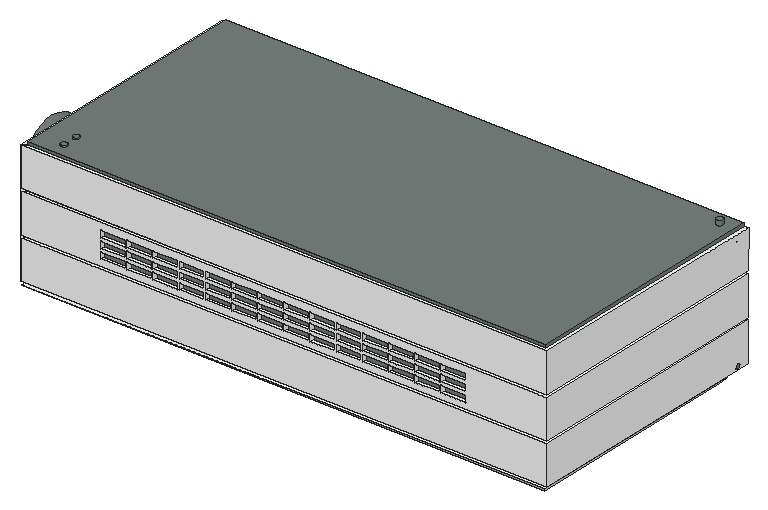
Revit family "AM 800 HCDE", category Mechanical Equipment, Revit 2019
Family settings
  Round Connector Dimension = Use Diameter
  Part Type = Normal
  OmniClass Number = 23.75.00.00
  OmniClass Title = Climate Control (HVAC)
  Work Plane-Based = No
  Always vertical = Yes
  Cut with Voids When Loaded = No
  Shared = No
  Room Calculation Point = No
Parameters
  Weight (Standard Unit) = 108  # constant formula
  Water Heater Surface Return = 10 mm  # constant formula
  Water Heater Surface IN = 10 mm  # constant formula
  URL = "www.airmaster-as.com"
  Total Width = 1910 mm  # constant formula
  Total Hight = 474 mm  # constant formula
  Top Panel [instance] = yes
  T-C Duct Exhaust = 252 mm  # constant formula
  T-C Duct Supply = 252 mm  # constant formula
  Suply Air In = 315 mm  # constant formula
  Return Air Duct = 250 mm  # constant formula
  R-C Duct Exhaust = 222 mm  # constant formula
  Phase 1 - Max Power Consumption = "4035 W"
  Phase 1 - Max Current = "12 A"
  Nominal current, electrical preheating surface = "6,5 A"
  Nominal current, electrical comfort heating surface = "4,4 A"
  Nominal current, air handling unit = "1,1 A"
  Network Conection = "AWG 24 CAT 5e STP"
  Model = "AM 800 HCDE"
  Middle Panel [instance] = yes
  Max. flow rate 35 dB(A) with ePM10 80% filters = 580.00 m³  # constant formula
  Max. flow rate 35 dB(A) with ePM10 55% filters = 653.00 m³  # constant formula
  Max. flow rate 35 dB(A) with ePM10 50% filters = 725.00 m³  # constant formula
  Max. flow rate 30 dB(A) with ePM10 80% filters = 520.00 m³  # constant formula
  Max. flow rate 30 dB(A) with ePM10 55% filters = 585.00 m³  # constant formula
  Max. flow rate 30 dB(A) with ePM10 50% filters = 650.00 m³  # constant formula
  Manufacturer = "Airmaster A/S"
  Maintenance [instance] = no
  L-C Duct ESupply = 255 mm  # constant formula
  Exhaust Air = 315 mm  # constant formula
  Total Depth = 916 mm  # constant formula
  Electrical connection = "1 ~ 230 V / N / PE / 50 Hz"
  Drawn By = "LSB"
  DE Panel Small [instance] = no
  DE Panel [instance] = yes
  Condensate = 9 mm  # constant formula
  Buttom Panel [instance] = yes
  BMS Panel = "(PTS) 2x2x0,6"
  BMS Out = "(PTS) 2x2x0,6"
  BMS IN = "(PTS) 2x2x0,6"
  Airflow area [instance] = no
  Air flow area [instance] = Airflow
Reference planes
  plane 1 "Center (Front/Back)": y = 0
  plane 2: z = 0
  plane 3 "Center (Left/Right)": x = 0
  plane 4 "Center L/S": y = -916
  plane 5 "Center L/T": x = -955
  plane 6 "Center L/U": x = 955
  plane 7 "TOP": z = 474
  plane 8 "Center L/V": x = -940
  plane 9 "Center L/W": y = -901
  plane 10 "Center L/X": x = 940
  plane 11 "Panel Buttom": z = 23
  plane 12 "Panel Top": z = 164.5
  plane 13 "Hatch": z = 14.5
  plane 14 "Center L/Z": z = 173.414
  plane 15 "Center L/AA": z = 314.914
  plane 16 "Center L/BB": z = 324.414
  plane 17 "Center L/CC": z = 465.914
Forms (mm)
  Extrusion 1, solid, material "AM Grey"
    sketch origin (0, 0, 0) x (1, 0, 0) y (0, 1, 0)
      loop
        line (-940, 0) -> (-940, -901) -> (940, -901) -> (940, 0) -> (-940, 0)
    from 14.5 to 474
  Extrusion 2, solid, material "AM White", visible <- "DE Panel Small"
    sketch origin (794.5, -1524, 23) x (0, -1, 0) y (-1, 0, 0)
      loop
        line (-1524, 1749.5) -> (-1524, 1734.5) -> (-623, 1734.5) -> (-608, 1749.5) -> (-1524, 1749.5)
    from 0 to -141.5
  Blend 3, solid, material "AM White"
    base sketch origin (-790.646, -1524, 14.5) x (0, -1, 0) y (1, 0, 0)
      loop
        line (-608, -157.387) -> (-608, 1738.657) -> (-1435.677, 1738.657) -> (-1435.677, -157.387) -> (-608, -157.387)
    top sketch origin (-790.646, -1524, 14.5) x (0, -1, 0) y (1, 0, 0)
      loop
        line (-623, -146.037) -> (-623, 1727.646) -> (-1424.161, 1727.646) -> (-1424.161, -146.037) -> (-623, -146.037)
    from 0 to -14.5
  Extrusion 4, solid, material "AM Grey"
    sketch origin (940, 0, 0) x (0, -1, 0) y (0, 0, -1)
      loop
        circle (48.75, -36.414) r 8
    from 0 to 15
  Extrusion 5, solid, material "AM Grey"
    sketch origin (-940, -878.072, 0.549) x (0, 1, 0) y (0, 0, -1)
      loop
        arc (97.447, -426.641) -> (85.619, -415.215) -> (74.05, -426.903) r 11.7
        arc (74.05, -426.903) -> (85.881, -438.614) -> (97.447, -426.641) r 11.7
    from 0 to 2
  Extrusion 6, solid, material "AM Grey"
    sketch origin (-940, -892.224, 0.658) x (0, 1, 0) y (0, 0, -1)
      loop
        arc (56.677, -428.239) -> (46.918, -415.112) -> (33.131, -423.914) r 12
        arc (33.131, -423.914) -> (42.582, -438.717) -> (56.677, -428.239) r 12
    from 0 to 2
  Extrusion 7, solid, material "AM Grey"
    sketch origin (-940, 0, 0) x (1, 0, 0) y (0, 0, -1)
      loop
        circle (1673, -222) r 157.5
    from 0 to 55
  Extrusion 8, solid, material "AM Grey"
    sketch origin (-785, 0, 0) x (1, 0, 0) y (0, 0, -1)
      loop
        circle (85, -222) r 157.5
    from 0 to 55
  Extrusion 9, solid, material "AM Grey"
    sketch origin (-1697.474, 21.256, 474) x (1, 0, 0) y (0, 1, 0)
      loop
        arc (848.662, -826.53) -> (848, -804.55) -> (847.338, -826.53) r 11
        line (847.338, -826.53) -> (848.662, -826.53)
    from 0 to 2
  Extrusion 10, solid, material "AM Grey"
    sketch origin (-1697.474, 6.881, 474) x (1, 0, 0) y (0, 1, 0)
      loop
        arc (848.662, -867.28) -> (848, -845.3) -> (847.338, -867.28) r 11
        line (847.338, -867.28) -> (848.662, -867.28)
    from 0 to 2
  Extrusion 11, solid, material "Maintenece", visible <- "Maintenance"
    sketch origin (-790.646, -1524, 0) x (1, 0, 0) y (0, -1, 0)
      loop
        line (-164.354, -1524) -> (1745.646, -1524) -> (1745.646, -608) -> (-164.354, -608) -> (-164.354, -1524)
    from 0 to 1200
  Extrusion 12, solid, material "AM Grey"
    sketch origin (0, 0, 474) x (1, 0, 0) y (0, 1, 0)
      loop
        arc (880.766, -33.956) -> (876.81, -38.388) -> (875.622, -44.209) r 11.4
        arc (875.622, -44.209) -> (897.19, -48.612) -> (880.766, -33.956) r 11.4
    from 0 to 15
  Extrusion 13, solid, material "AM Grey"
    sketch origin (940, 0, 0) x (0, -1, 0) y (0, 0, -1)
      loop
        circle (47.646, -447.784) r 8
    from 0 to 15
  Extrusion 14, solid, material "AM Grey"
    sketch origin (-940, 0, 0) x (1, 0, 0) y (0, 0, -1)
      loop
        circle (1813, -35) r 12
    from 0 to 15
  Extrusion 15, solid, material "AM White", visible <- "Middle Panel"
    sketch origin (794.5, -1524, 173.414) x (0, -1, 0) y (-1, 0, 0)
      loop
        line (-608, -160.5) -> (-608, 1749.5) -> (-623, 1734.5) -> (-623, -145.5) -> (-1524, -145.5) -> (-1524, -160.5) -> (-608, -160.5)
    from 0 to -141.5
  Extrusion 16, solid, material "AM White", visible <- "Top Panel"
    sketch origin (794.5, -1524, 324.414) x (0, -1, 0) y (-1, 0, 0)
      loop
        line (-608, -160.5) -> (-608, 1749.5) -> (-623, 1734.5) -> (-623, -145.5) -> (-1524, -145.5) -> (-1524, -160.5) -> (-608, -160.5)
    from 0 to -141.5
  Extrusion 17, solid, material "AM White"
    sketch origin (0, 0, 14.5) x (0, 1, 0) y (1, 0, 0)
      loop
        line (0, 940) -> (-88.323, 940) -> (-88.323, -940) -> (0, -940) -> (0, 940)
    from 0 to 3
  Extrusion 18, solid, material "AM Grey"
    sketch origin (-955, 0, 23) x (0, -1, 0) y (0, 0, 1)
      loop
        circle (699, 299) r 125
    from 0 to 58
  Extrusion 19, void
    sketch origin (1055.25, -916, 173.414) x (1, 0, 0) y (0, 0, -1)
      loop
        line (-1717.75, -118) -> (-1627.75, -118) -> (-1627.75, -93) -> (-1717.75, -93) -> (-1717.75, -118)
      loop
        line (-1717.75, -83) -> (-1627.75, -83) -> (-1627.75, -58) -> (-1717.75, -58) -> (-1717.75, -83)
      loop
        line (-1717.75, -48) -> (-1627.75, -48) -> (-1627.75, -23) -> (-1717.75, -23) -> (-1717.75, -48)
      loop
        line (-1622.75, -118) -> (-1532.75, -118) -> (-1532.75, -93) -> (-1622.75, -93) -> (-1622.75, -118)
      loop
        line (-1622.75, -83) -> (-1532.75, -83) -> (-1532.75, -58) -> (-1622.75, -58) -> (-1622.75, -83)
      loop
        line (-1622.75, -48) -> (-1532.75, -48) -> (-1532.75, -23) -> (-1622.75, -23) -> (-1622.75, -48)
      loop
        line (-1527.75, -118) -> (-1437.75, -118) -> (-1437.75, -93) -> (-1527.75, -93) -> (-1527.75, -118)
      loop
        line (-1527.75, -83) -> (-1437.75, -83) -> (-1437.75, -58) -> (-1527.75, -58) -> (-1527.75, -83)
      loop
        line (-1527.75, -48) -> (-1437.75, -48) -> (-1437.75, -23) -> (-1527.75, -23) -> (-1527.75, -48)
      loop
        line (-1432.75, -118) -> (-1342.75, -118) -> (-1342.75, -93) -> (-1432.75, -93) -> (-1432.75, -118)
      loop
        line (-1432.75, -83) -> (-1342.75, -83) -> (-1342.75, -58) -> (-1432.75, -58) -> (-1432.75, -83)
      loop
        line (-1432.75, -48) -> (-1342.75, -48) -> (-1342.75, -23) -> (-1432.75, -23) -> (-1432.75, -48)
      loop
        line (-1337.75, -118) -> (-1247.75, -118) -> (-1247.75, -93) -> (-1337.75, -93) -> (-1337.75, -118)
      loop
        line (-1337.75, -83) -> (-1247.75, -83) -> (-1247.75, -58) -> (-1337.75, -58) -> (-1337.75, -83)
      loop
        line (-1337.75, -48) -> (-1247.75, -48) -> (-1247.75, -23) -> (-1337.75, -23) -> (-1337.75, -48)
      loop
        line (-1242.75, -118) -> (-1152.75, -118) -> (-1152.75, -93) -> (-1242.75, -93) -> (-1242.75, -118)
      loop
        line (-1242.75, -83) -> (-1152.75, -83) -> (-1152.75, -58) -> (-1242.75, -58) -> (-1242.75, -83)
      loop
        line (-1242.75, -48) -> (-1152.75, -48) -> (-1152.75, -23) -> (-1242.75, -23) -> (-1242.75, -48)
      loop
        line (-1147.75, -118) -> (-1057.75, -118) -> (-1057.75, -93) -> (-1147.75, -93) -> (-1147.75, -118)
      loop
        line (-1147.75, -83) -> (-1057.75, -83) -> (-1057.75, -58) -> (-1147.75, -58) -> (-1147.75, -83)
      loop
        line (-1147.75, -48) -> (-1057.75, -48) -> (-1057.75, -23) -> (-1147.75, -23) -> (-1147.75, -48)
      loop
        line (-1052.75, -118) -> (-962.75, -118) -> (-962.75, -93) -> (-1052.75, -93) -> (-1052.75, -118)
      loop
        line (-1052.75, -83) -> (-962.75, -83) -> (-962.75, -58) -> (-1052.75, -58) -> (-1052.75, -83)
      loop
        line (-1052.75, -48) -> (-962.75, -48) -> (-962.75, -23) -> (-1052.75, -23) -> (-1052.75, -48)
      loop
        line (-957.75, -118) -> (-867.75, -118) -> (-867.75, -93) -> (-957.75, -93) -> (-957.75, -118)
      loop
        line (-957.75, -83) -> (-867.75, -83) -> (-867.75, -58) -> (-957.75, -58) -> (-957.75, -83)
      loop
        line (-957.75, -48) -> (-867.75, -48) -> (-867.75, -23) -> (-957.75, -23) -> (-957.75, -48)
      loop
        line (-862.75, -118) -> (-772.75, -118) -> (-772.75, -93) -> (-862.75, -93) -> (-862.75, -118)
      loop
        line (-862.75, -83) -> (-772.75, -83) -> (-772.75, -58) -> (-862.75, -58) -> (-862.75, -83)
      loop
        line (-862.75, -48) -> (-772.75, -48) -> (-772.75, -23) -> (-862.75, -23) -> (-862.75, -48)
      loop
        line (-767.75, -118) -> (-677.75, -118) -> (-677.75, -93) -> (-767.75, -93) -> (-767.75, -118)
      loop
        line (-767.75, -83) -> (-677.75, -83) -> (-677.75, -58) -> (-767.75, -58) -> (-767.75, -83)
      loop
        line (-767.75, -48) -> (-677.75, -48) -> (-677.75, -23) -> (-767.75, -23) -> (-767.75, -48)
      loop
        line (-672.75, -118) -> (-582.75, -118) -> (-582.75, -93) -> (-672.75, -93) -> (-672.75, -118)
      loop
        line (-672.75, -83) -> (-582.75, -83) -> (-582.75, -58) -> (-672.75, -58) -> (-672.75, -83)
      loop
        line (-672.75, -48) -> (-582.75, -48) -> (-582.75, -23) -> (-672.75, -23) -> (-672.75, -48)
      loop
        line (-577.75, -118) -> (-487.75, -118) -> (-487.75, -93) -> (-577.75, -93) -> (-577.75, -118)
      loop
        line (-577.75, -83) -> (-487.75, -83) -> (-487.75, -58) -> (-577.75, -58) -> (-577.75, -83)
      loop
        line (-577.75, -48) -> (-487.75, -48) -> (-487.75, -23) -> (-577.75, -23) -> (-577.75, -48)
      loop
        line (-482.75, -118) -> (-392.75, -118) -> (-392.75, -93) -> (-482.75, -93) -> (-482.75, -118)
      loop
        line (-482.75, -83) -> (-392.75, -83) -> (-392.75, -58) -> (-482.75, -58) -> (-482.75, -83)
      loop
        line (-482.75, -48) -> (-392.75, -48) -> (-392.75, -23) -> (-482.75, -23) -> (-482.75, -48)
    from 0 to 15
  Extrusion 20, solid, material "AM White", visible <- "Buttom Panel"
    sketch origin (794.5, -1524, 23) x (0, -1, 0) y (-1, 0, 0)
      loop
        line (-608, -160.5) -> (-608, 1749.5) -> (-623, 1734.5) -> (-623, -145.5) -> (-1524, -145.5) -> (-1524, -160.5) -> (-608, -160.5)
    from 0 to -141.5
  Extrusion 21, solid, material "AM White", visible <- "DE Panel"
    sketch origin (794.5, -1524, 324.414) x (0, -1, 0) y (-1, 0, 0)
      loop
        line (-1524, 1749.5) -> (-1524, 1734.5) -> (-623, 1734.5) -> (-608, 1749.5) -> (-1524, 1749.5)
    from 301.414 to -141.5
Cuts and joins
  Extrusion 19 cuts Extrusion 1
  Extrusion 19 cuts Extrusion 2
  Extrusion 19 cuts Extrusion 16
  Extrusion 19 cuts Extrusion 15
Dimensions and locks
  "Total Depth": plane 4 "Center L/S" to plane 1 "Center (Front/Back)"
  equal spacing: plane 5 "Center L/T", plane 3 "Center (Left/Right)", plane 6 "Center L/U"
  "Total Width": plane 5 "Center L/T" to plane 6 "Center L/U"
  "Total Hight": plane 7 "TOP" to level
  locked: plane 10 "Center L/X" to plane 6 "Center L/U" at 15
  locked: plane 4 "Center L/S" to plane 9 "Center L/W" at 15
  locked: plane 5 "Center L/T" to plane 8 "Center L/V" at 15
  Extrusion 1 to Blend 3 sketch curve = 99.839 mm
  "R-C Duct Exhaust": plane 6 "Center L/U" to Extrusion 7 sketch curve
  "T-C Duct Exhaust": Extrusion 7 sketch curve to cut or joined group of Extrusion 1, Extrusion 19
  "T-C Duct Supply": Extrusion 8 sketch curve to plane 7 "TOP"
  "L-C Duct ESupply": Extrusion 8 sketch curve to plane 5 "Center L/T"
  Extrusion 14 sketch curve to plane 5 "Center L/T" = 1828 mm
  Extrusion 14 sketch curve to plane 7 "TOP" = 439 mm
  plane 1 "Center (Front/Back)" to Extrusion 18 sketch curve = 699 mm
  plane 7 "TOP" to Extrusion 18 sketch curve = 152 mm
  "Return Air Duct": diameter of Extrusion 18 sketch curve
  aligned and locked: level to plane 2
  aligned and locked: plane 1 "Center (Front/Back)" to Extrusion 1 sketch curve
  aligned and locked: Extrusion 1 sketch curve to plane 8 "Center L/V"
  aligned and locked: Extrusion 1 sketch curve to plane 9 "Center L/W"
  aligned and locked: Extrusion 1 sketch curve to plane 10 "Center L/X"
  aligned and locked: plane 7 "TOP" to Extrusion 1
  aligned and locked: plane 5 "Center L/T" to Extrusion 2 sketch curve
  aligned and locked: Extrusion 2 sketch curve to Extrusion 1
  aligned and locked: Extrusion 2 to plane 12 "Panel Top"
  aligned and locked: Blend 3 to plane 2
  aligned and locked: Extrusion 1 to plane 13 "Hatch"
  aligned and locked: Extrusion 11 sketch curve to cut or joined group of Extrusion 2, Extrusion 19  (x2)
  aligned and locked: Extrusion 15 to plane 15 "Center L/AA"
  aligned and locked: Extrusion 16 to plane 17 "Center L/CC"
Automatic sketch dimensions
  plane 1 "Center (Front/Back)" to Extrusion 2 sketch curve = 0 mm
  Extrusion 2 sketch curve to plane 9 "Center L/W" = 0 mm
  plane 4 "Center L/S" to Extrusion 2 sketch curve = 0 mm
  plane 4 "Center L/S" to Blend 3 sketch curve = 0 mm
  Blend 3 sketch curve to plane 6 "Center L/U" = 6.989 mm
  plane 1 "Center (Front/Back)" to Blend 3 sketch curve = 88.323 mm
  plane 5 "Center L/T" to Blend 3 sketch curve = 6.967 mm
  Blend 3 sketch curve to plane 9 "Center L/W" = 0 mm
  plane 8 "Center L/V" to Blend 3 sketch curve = 3.316 mm
  Blend 3 sketch curve to plane 10 "Center L/X" = 3 mm
  Extrusion 1 to Extrusion 4 sketch curve = 21.914 mm
  Extrusion 1 to Extrusion 4 sketch curve = 48.75 mm
  Extrusion 5 sketch curve to Extrusion 5 sketch curve = 0 mm  (x2)
  Extrusion 1 to Extrusion 5 sketch curve = 46.537 mm
  Extrusion 5 sketch curve to Extrusion 1 = 108.678 mm
  Extrusion 5 sketch curve to Extrusion 5 sketch curve = 11.7 mm
  Extrusion 5 sketch curve to Extrusion 5 sketch curve = 11.697 mm
  Extrusion 5 sketch curve to Extrusion 5 sketch curve = 0.011 mm
  Extrusion 6 sketch curve to Extrusion 6 sketch curve = 0 mm  (x2)
  Extrusion 6 sketch curve to Extrusion 1 = 53.526 mm
  Extrusion 1 to Extrusion 6 sketch curve = 46.428 mm
  Extrusion 6 sketch curve to Extrusion 6 sketch curve = 11.619 mm
  Extrusion 6 sketch curve to Extrusion 6 sketch curve = 11.927 mm
  Extrusion 6 sketch curve to Extrusion 6 sketch curve = 1.325 mm
  Extrusion 9 sketch curve to Extrusion 1 = 89.864 mm
  Extrusion 9 sketch curve to Extrusion 9 sketch curve = 0.662 mm
  Extrusion 9 sketch curve to Extrusion 1 = 95.726 mm
  Extrusion 9 sketch curve to Extrusion 9 sketch curve = 10.98 mm
  Extrusion 10 sketch curve to Extrusion 1 = 89.864 mm
  Extrusion 10 sketch curve to Extrusion 10 sketch curve = 0.662 mm
  Extrusion 10 sketch curve to Extrusion 1 = 40.601 mm
  Extrusion 10 sketch curve to Extrusion 10 sketch curve = 10.98 mm
  Extrusion 11 sketch curve to Blend 3 = 18 mm
  Extrusion 11 sketch curve to Blend 3 = 15 mm
  Extrusion 12 sketch curve to Extrusion 12 sketch curve = 0 mm  (x2)
  Extrusion 12 sketch curve to Extrusion 1 = 53 mm
  Extrusion 12 sketch curve to Extrusion 1 = 43.5 mm
  Extrusion 12 sketch curve to Extrusion 12 sketch curve = 6.234 mm
  Extrusion 12 sketch curve to Extrusion 12 sketch curve = 11.378 mm
  Extrusion 12 sketch curve to Extrusion 12 sketch curve = 0.709 mm
  Extrusion 1 to Extrusion 13 sketch curve = 47.646 mm
  Extrusion 1 to Extrusion 13 sketch curve = 26.216 mm
  plane 1 "Center (Front/Back)" to Extrusion 15 sketch curve = 0 mm
  plane 9 "Center L/W" to Extrusion 15 sketch curve = 0 mm
  plane 4 "Center L/S" to Extrusion 15 sketch curve = 0 mm
  Extrusion 15 sketch curve to plane 5 "Center L/T" = 0 mm
  Extrusion 15 sketch curve to plane 8 "Center L/V" = 0 mm
  Extrusion 15 sketch curve to plane 10 "Center L/X" = 0 mm
  Extrusion 15 sketch curve to plane 6 "Center L/U" = 0 mm
  plane 1 "Center (Front/Back)" to Extrusion 16 sketch curve = 0 mm
  plane 9 "Center L/W" to Extrusion 16 sketch curve = 0 mm
  plane 4 "Center L/S" to Extrusion 16 sketch curve = 0 mm
  Extrusion 16 sketch curve to plane 5 "Center L/T" = 0 mm
  Extrusion 16 sketch curve to plane 8 "Center L/V" = 0 mm
  Extrusion 16 sketch curve to plane 10 "Center L/X" = 0 mm
  Extrusion 16 sketch curve to plane 6 "Center L/U" = 0 mm
  Extrusion 17 sketch curve to Extrusion 1 = 0 mm  (x2)
  Extrusion 1 to Extrusion 17 sketch curve = 0 mm
  Extrusion 1 to Extrusion 17 sketch curve = 88.323 mm
  plane 15 "Center L/AA" to Extrusion 19 sketch curve = 23.5 mm  (x2)
  plane 8 "Center L/V" to Extrusion 19 sketch curve = 277.5 mm
  Extrusion 19 sketch curve to Extrusion 19 sketch curve = 0 mm  (x86)
  Extrusion 19 sketch curve to Extrusion 19 sketch curve = 90 mm  (x13)
  Extrusion 19 sketch curve to Extrusion 19 sketch curve = 5 mm  (x36)
  Extrusion 19 sketch curve to plane 3 "Center (Left/Right)" = 2.5 mm  (x3)
  plane 3 "Center (Left/Right)" to Extrusion 19 sketch curve = 2.5 mm  (x3)
  Extrusion 19 sketch curve to Extrusion 19 sketch curve = 25 mm  (x10)
  Extrusion 19 sketch curve to Extrusion 19 sketch curve = 10 mm  (x9)
  Extrusion 19 sketch curve to plane 14 "Center L/Z" = 23 mm  (x5)
  plane 1 "Center (Front/Back)" to Extrusion 20 sketch curve = 0 mm
  plane 9 "Center L/W" to Extrusion 20 sketch curve = 0 mm
  plane 4 "Center L/S" to Extrusion 20 sketch curve = 0 mm
  Extrusion 20 sketch curve to plane 5 "Center L/T" = 0 mm
  Extrusion 20 sketch curve to plane 8 "Center L/V" = 0 mm
  Extrusion 20 sketch curve to plane 10 "Center L/X" = 0 mm
  Extrusion 20 sketch curve to plane 6 "Center L/U" = 0 mm
  plane 1 "Center (Front/Back)" to Extrusion 21 sketch curve = 0 mm
  Extrusion 21 sketch curve to plane 8 "Center L/V" = 0 mm
  Extrusion 21 sketch curve to plane 9 "Center L/W" = 0 mm
  plane 4 "Center L/S" to Extrusion 21 sketch curve = 0 mm
  Extrusion 21 sketch curve to plane 5 "Center L/T" = 0 mm
  radius of Extrusion 4 sketch curve = 8 mm
  radius of Extrusion 7 sketch curve = 157.5 mm
  radius of Extrusion 8 sketch curve = 157.5 mm
  radius of Extrusion 13 sketch curve = 8 mm
  radius of Extrusion 14 sketch curve = 12 mm
Nested families
  nested 1: "Model Label 2019" at (0, -361.924, 0), Label <- "Model", type "Model Label 2019"
    with Label "AM 800 HCDE"
  nested 2: "indblæssymbol" at (11.742, -966, 0) x (0, -1, 0) z (0, 0, 1), type "indblæssymbol"
    with dX_ 609 mm, dX 609 mm, ang2D 0.00°
Connectors
  piping at (-942, -847.32, 426.735), diameter 10, driven by "Water Heater Surface IN"
    settings: on Extrusion 6, index 6, connector inside diameter 609.6 mm, connector length 0 mm, flow factor 0, pipe flow 0.0 L/s, pressure drop 0.0 Pa, fitting loss kfactor 0, connector angle 0.00°, fixture units 0, engagement length 0 mm, angle of deflection 0.00°, flow configuration 0, flow direction 1, fitting loss method 0, system type 7, joint type 0, gender type 0, connector reference index -1, connector utility 0, adjustable connector no, is connector primary yes, connector description ""
  piping at (-942, -792.324, 427.321), diameter 10, driven by "Water Heater Surface Return"
    settings: on Extrusion 5, index 7, connector inside diameter 609.6 mm, connector length 0 mm, flow factor 0, pipe flow 0.0 L/s, pressure drop 0.0 Pa, fitting loss kfactor 0, connector angle 0.00°, fixture units 0, engagement length 0 mm, angle of deflection 0.00°, flow configuration 0, flow direction 2, fitting loss method 0, system type 8, joint type 0, gender type 0, connector reference index -1, connector utility 0, adjustable connector no, is connector primary no, connector description ""
  piping at (-849.474, -860.399, 476), diameter 10, driven by "Water Heater Surface IN"
    settings: on Extrusion 10, index 11, connector inside diameter 609.6 mm, connector length 0 mm, flow factor 0, pipe flow 0.0 L/s, pressure drop 0.0 Pa, fitting loss kfactor 0, connector angle 0.00°, fixture units 0, engagement length 0 mm, angle of deflection 0.00°, flow configuration 0, flow direction 0, fitting loss method 0, system type 19, joint type 0, gender type 0, connector reference index -1, connector utility 0, adjustable connector no, is connector primary no, connector description ""
  piping at (-849.474, -805.274, 476), diameter 10, driven by "Water Heater Surface Return"
    settings: on Extrusion 9, index 12, connector inside diameter 609.6 mm, connector length 0 mm, flow factor 0, pipe flow 0.0 L/s, pressure drop 0.0 Pa, fitting loss kfactor 0, connector angle 0.00°, fixture units 0, engagement length 0 mm, angle of deflection 0.00°, flow configuration 0, flow direction 0, fitting loss method 0, system type 19, joint type 0, gender type 0, connector reference index -1, connector utility 0, adjustable connector no, is connector primary no, connector description ""
  electrical at (955, -47.646, 447.784)
    settings: on Extrusion 13, index 13, voltage 230 V, apparent load 0 VA, apparent load phase1 0 VA, apparent load phase2 0 VA, apparent load phase3 0 VA, power factor 0.56, load classification "Other", number of poles 1, system type 30, power factor state 1, is connector primary yes, connector utility no, sub classification motor no, connector description ""
  electrical at (878.194, -39.082, 489)
    settings: on Extrusion 12, index 14, voltage 230 V, apparent load 0 VA, apparent load phase1 0 VA, apparent load phase2 0 VA, apparent load phase3 0 VA, power factor 0.56, load classification "Other", number of poles 1, system type 30, power factor state 1, is connector primary no, connector utility no, sub classification motor no, connector description ""
  piping at (955, -48.75, 36.414), diameter 9, driven by "Condensate"
    settings: on Extrusion 4, index 15, connector inside diameter 609.6 mm, connector length 0 mm, flow factor 0, pipe flow 0.0 L/s, pressure drop 0.0 Pa, fitting loss kfactor 0, connector angle 0.00°, fixture units 0, engagement length 0 mm, angle of deflection 0.00°, flow configuration 0, flow direction 0, fitting loss method 0, system type 16, joint type 0, gender type 0, connector reference index -1, connector utility 0, adjustable connector no, is connector primary no, connector description ""
  piping at (873, 15, 35), diameter 9, driven by "Condensate"
    settings: on Extrusion 14, index 16, connector inside diameter 609.6 mm, connector length 0 mm, flow factor 0, pipe flow 0.0 L/s, pressure drop 0.0 Pa, fitting loss kfactor 0, connector angle 0.00°, fixture units 0, engagement length 0 mm, angle of deflection 0.00°, flow configuration 0, flow direction 0, fitting loss method 0, system type 16, joint type 0, gender type 0, connector reference index -1, connector utility 0, adjustable connector no, is connector primary no, connector description ""
  hvac at (-955, -699, 322), driven by "Return Air Duct"
    settings: on Extrusion 18, index 17, duct flow 0.0 L/s, flow factor 0, pres drop 0.0 Pa, loss coef 0, conn angle 0.00°, conn width 304.8 mm, conn height 304.8 mm, conn diameter 250 mm, duct sys type 2, conn prof type 0, flow config 0, flow direction 1, loss method 0, conn ref index -1, conn util no, is conn primary yes, conn desc ""
  hvac at (-700, 0, 222), driven by "Suply Air In"
    settings: on Extrusion 8, index 18, duct flow 0.0 L/s, flow factor 0, pres drop 0.0 Pa, loss coef 0, conn angle 0.00°, conn width 304.8 mm, conn height 304.8 mm, conn diameter 315 mm, duct sys type 1, conn prof type 0, flow config 0, flow direction 1, loss method 0, conn ref index -1, conn util no, is conn primary no, conn desc ""
  hvac at (733, 0, 222), driven by "Exhaust Air"
    settings: on Extrusion 7, index 19, duct flow 0.0 L/s, flow factor 0, pres drop 0.0 Pa, loss coef 0, conn angle 0.00°, conn width 304.8 mm, conn height 304.8 mm, conn diameter 315 mm, duct sys type 3, conn prof type 0, flow config 0, flow direction 2, loss method 0, conn ref index -1, conn util no, is conn primary no, conn desc ""
Definition of nested family "Model Label 2019"
  Parameters (values of type "Model Label 2019")
    Label [instance] = ""
  Reference planes
    plane 1: y = 0
    plane 2: x = 0
  Text (mm)
    label "Label" at (-0.131, 0.049, 0), shows "Label"
Definition of nested family "indblæssymbol"
  Parameters (values of type "indblæssymbol")
    dX_ [instance] = if(dX = 0 mm, 1 mm, dX)  # 609 mm
    dX [instance] = 609 mm
    ang2D [instance] = 0.00°
    Type Comments = "DO NOT CHANGE dX value from 608 mm ( 2 ft )"
    Afstand pil = 50 mm
  Reference planes
    plane 1 "Center (Front/Back)": y = 0
    plane 2: z = 0
    plane 3 "Center (Left/Right)": x = 0
  Lines and regions (mm)
    Filled region 1, type "Concrete", in view "Ref. Level"
      outline origin (50.005, 0, 0) x (1, 0, 0) y (0, 1, 0)
        loop
          line (399.995, 0.414) -> (301.442, 17.365) -> (301.588, -17.365) -> (399.995, 0.414)
    reference lines, in view "Ref. Level"
      curve 1: line (50, 134.129, 0) -> (50, -145.871, 0)
    detail lines, in view "Ref. Level"
      curve 2: line (351.52, 0, 0) -> (50, 0, 0)
  Dimensions and locks
    "Afstand pil": plane 3 "Center (Left/Right)" to curve 1
    curve 1 to Filled region 1 = 400 mm
  Automatic sketch dimensions
    Filled region 1 sketch curve to plane 1 "Center (Front/Back)" = 0.414 mm
    plane 3 "Center (Left/Right)" to Filled region 1 sketch curve = 450 mm
    plane 1 "Center (Front/Back)" to Filled region 1 sketch curve = 17.365 mm
    Filled region 1 sketch curve to Filled region 1 sketch curve = 98.407 mm
    Filled region 1 sketch curve to plane 1 "Center (Front/Back)" = 17.365 mm
    Filled region 1 sketch curve to Filled region 1 sketch curve = 0.146 mm
    plane 1 "Center (Front/Back)" to curve 2 = 0 mm
    plane 3 "Center (Left/Right)" to curve 2 = 50 mm
    curve 2 to curve 2 = 301.52 mm
    plane 1 "Center (Front/Back)" to curve 1 = 145.871 mm
    curve 1 to plane 1 "Center (Front/Back)" = 134.129 mm
